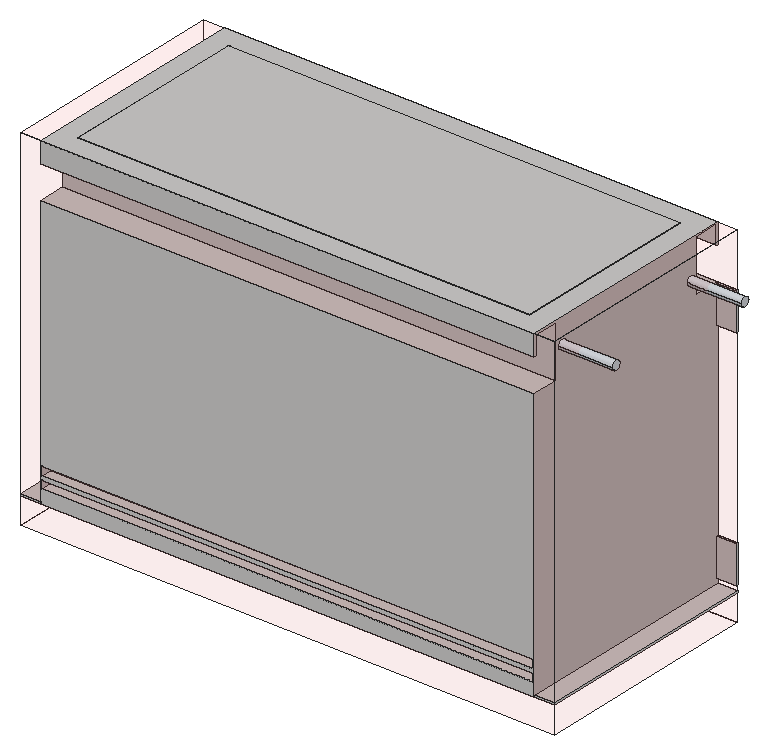
Revit family "Air-Curtain_Industrial_PoweredAire_Steam", category Mechanical Equipment, host Face, Revit 2016
Family settings
  Host = Face
  Part Type = Normal
  Round Connector Dimension = Use Diameter
  OmniClass Number = 23.75.35.17.21
  OmniClass Title = Air Curtains
  Cut with Voids When Loaded = No
  Shared = No
  Room Calculation Point = No
Parameters
  upperrotation [instance] = if(Upper Pipe Connection Side A, 0.00°, 180.00°)  # 0.00°
  topbracket [instance] = and(Unit Height = 1' 4 3/4", Unit Depth = 1' 11 3/4")  # yes
  lowerrotation [instance] = if(Lower Pipe Connection Side A, 0.00°, 180.00°)  # 0.00°
  locateupperpipe [instance] = if(Upper Pipe Connection Side A, 0' 0", Nozzle Width)  # 0' - 0"
  locatelowerpipe [instance] = if(Lower Pipe Connection Side A, 0' 0", Nozzle Width)  # 0' - 0"
  Warranty Duration (Years) = 0
  Upper Pipe Connection Side A [instance] = yes
  Unit Width Notes = "Other Widths available."  # constant formula
  Unit Width = 3' - 3"
  Unit Weight = 0
  Unit Height = 1' - 4 3/4"
  Unit Depth = 1' - 11 3/4"
  URL = "http://www.poweredaire.com/"
  Test Data = ""
  Standards Conformance = "as Specified"
  Specification = "http://www.arcat.com/sdspecs/htm04/23_34_33pai.htm"
  SpecWizard = ""
  Sound Pressure = "as Specified"
  Sales Information = "http://www.poweredaire.com/contact_us"
  Revision = "R1_2016-08"
  Projection from Host [instance] = 0' - 2"
  Product Properties = ""
  Product Data = "http://www.arcat.com/arcatcos/cos47/arc47623.html"
  Power Rating = 0 W
  Piping_Water Flow [instance] = 0 GPM
  Piping_Operating Pressure [instance] = 0.00 psi
  Piping_Exit Temperature [instance] = 0 °F
  Piping_Entry Temperature [instance] = 0 °F
  Pipe OD [instance] = 5/8"
  Nozzle Width = if(1 = 1, Unit Width - 0' 3", 0' 0")  # 3' - 0"
  Mounting Width = if(1 = 1, Unit Width - 0' 1 1/2", 0' 0")  # 3' - 1 1/2"
  Mounting Height [instance] = 3' - 6"
  Motor RPM = 0
  Motor HP = 0
  Motor Count = 0
  Model = "As Specified"
  Max Height = 0' - 0"
  Manufacturer Website = "http://www.poweredaire.com/"
  Manufacturer Phone - Toll Free = "888-321-2473"
  Manufacturer Phone = "724-588-3305"
  Manufacturer Fax = "724-588-3371"
  Manufacturer Address = "109 Mortensen Rd.  Greenville, PA 16125"
  Manufacturer = "Powered Aire, Inc"
  Maintenance Schedule (Months) = 0
  Lower Pipe Connection Side A [instance] = yes
  Keynote = "23 34 33"
  Installation-Fabrication = ""
  Installation Phase = ""
  Include Clearance [instance] = yes
  Heating Element Load = 0 W
  HVAC_Temperature Rise = 0 °F
  HVAC_Outlet Volume = 0 CFM
  HVAC_Outlet Velocity Uniformity = 0
  HVAC_Outlet Velocity = 0 FPM
  HVAC_BTU Input = 0.0 Btu/h
  Green Building-LEED = "http://www.arcat.com/green/clients/leed_data_47623.html"
  Front Grating Material [instance] = Metal - Steel - PoweredAire - Stainless 304 Perforated
  Frame Finish [instance] = Metal - Steel - PoweredAire - Stainless 304
  Expected Lifespan (Years) = 0
  Electrical_Wattage [instance] = Power Rating + Heating Element Load  # 0 W
  Electrical_Voltage [instance] = 0 V
  Electrical_Phase [instance] = 1
  Electrical_Frequency [instance] = 0 Hz
  Electrical_Amperage [instance] = 0 A
  Drawn By = "Sumex Design, Inc. / Robert S. Weygant, CSI, CDT, SCIP"
  Description = "Powered Aire Air Curtain as Specified"
  Default Elevation = 0' - 0"  # constant formula
  Copyright = "©Arcat Inc."
  Construction Details = "http://www.arcat.com/details/powair/prod3336.html"
  Clearance_Top [instance] = 0' - 0"
  Clearance_Side B [instance] = 0' - 0"
  Clearance_Side A [instance] = 0' - 0"
  Clearance_Intake [instance] = 0' - 0"
  Clearance_Bottom [instance] = 0' - 0"
  Clearance Material [instance] = ARCAT Clearance
  Building Codes = ""
  Available Options [instance] = "as Specified"
  Assembly Code = "D3090400"
Reference planes (in)
  plane 1 "Center (Elevation)": y = 0.13818
  plane 2: z = 0
  plane 3 "Center (Left/Right)": x = 0
  plane 4: y = 8.51318
  plane 5: y = -8.23682
  plane 6: x = -19.5
  plane 7: x = 19.5
  plane 8: z = 25.75
  plane 9 "FF": y = -41.86182
  plane 10: z = 2
  plane 11: x = 18
  plane 12: x = -18
  plane 13: y = 8.51318
  plane 14: y = -8.23682
  plane 15: x = -19.5
  plane 16: x = 19.5
  plane 17: z = 25.75
  plane 18: x = 17.9375
  plane 19: x = -17.9375
  plane 20: x = 18
  plane 21: x = 18
  plane 22: y = 6.01318
  plane 23: y = -5.73682
Forms (in)
  Extrusion 1, solid, material "Metal - Steel - PoweredAire - Stainless 304" <- "Frame Finish"
    sketch origin (0, 0, 0) x (0, 1, 0) y (0, 0, 1)
      loop
        line (-8.23682, 2) -> (8.51318, 2) -> (8.51318, 21.8125) -> (6.51318, 21.8125) -> (6.51318, 25.625) -> (8.38818, 25.625) -> (8.38818, 24.25) -> (8.51318, 24.25) -> (8.51318, 25.75) -> (-8.23682, 25.75) -> (-8.23682, 24.25) -> (-8.11182, 24.25) -> (-8.11182, 25.625) -> (-6.23682, 25.625) -> (-6.23682, 21.8125) -> (-8.23682, 21.8125) -> (-8.23682, 2)
    from -18 to 18
  Extrusion 2, solid, material "ARCAT Clearance" <- "Clearance Material", visible <- "Include Clearance"
    sketch origin (0, 0, 0) x (0, 1, 0) y (0, 0, 1)
      loop
        line (-8.23682, 25.75) -> (-8.23682, 0) -> (8.51318, 0) -> (8.51318, 25.75) -> (-8.23682, 25.75)
    from -19.5 to 19.5
  Extrusion 3, solid, material "Metal - Steel - PoweredAire - Stainless 304" <- "Frame Finish"
    sketch origin (-15.17702, -180, 2) x (-1, 0, 0) y (0, -1, 0)
      loop
        line (-33.17702, -188.51318) -> (-33.17702, -171.76318) -> (-34.67702, -171.76318) -> (-34.67702, -188.51318) -> (-33.17702, -188.51318)
      loop
        line (2.82298, -188.51318) -> (4.32298, -188.51318) -> (4.32298, -171.76318) -> (2.82298, -171.76318) -> (2.82298, -188.51318)
    from 0 to 0.125
  Extrusion 4, solid, material "Metal - Steel - PoweredAire - Stainless 304" <- "Frame Finish", visible <- "topbracket"
    sketch origin (-11.83813, 8.51318, 48) x (-1, 0, 0) y (0, 0, 1)
      loop
        line (-29.83813, -45.5) -> (-29.83813, -42.75) -> (-31.33813, -42.75) -> (-31.33813, -45.5) -> (-29.83813, -45.5)
      loop
        line (-29.83813, -28.9375) -> (-29.83813, -26.1875) -> (-31.33813, -26.1875) -> (-31.33813, -28.9375) -> (-29.83813, -28.9375)
      loop
        line (6.16187, -45.5) -> (7.66187, -45.5) -> (7.66187, -42.75) -> (6.16187, -42.75) -> (6.16187, -45.5)
      loop
        line (6.16187, -28.9375) -> (7.66187, -28.9375) -> (7.66187, -26.1875) -> (6.16187, -26.1875) -> (6.16187, -28.9375)
    from 0 to -0.125
  Extrusion 5, void
    sketch origin (0, 0, 0) x (0, 1, 0) y (0, 0, 1)
      loop
        line (-8.23682, 3) -> (-7.23682, 3) -> (-7.23682, 4.5) -> (-8.23682, 4.5) -> (-8.23682, 3.82425) -> (-7.38364, 3.82425) -> (-7.38364, 3.57425) -> (-8.23682, 3.57425) -> (-8.23682, 3)
    from -17.9375 to 17.9375
  Extrusion 6, solid, material "Metal - Steel - PoweredAire - Stainless 304 Perforated" <- "Front Grating Material"
    sketch origin (0, -8.23682, 25.75) x (0, 1, 0) y (-1, 0, 0)
      loop
        line (15.25, 16.5) -> (1.5, 16.5) -> (1.5, -16.5) -> (15.25, -16.5) -> (15.25, 16.5)
    from 0 to 0.03125
  Sweep 7, solid
    path origin (18, 6.01318, 0) x (1, 0, 0) y (0, 1, 0)
      loop
        line (0, 0) -> (4, 0)
    profile origin (20, 6.01318, 0) x (0, 1, 0) y (0, 0, 1)
      loop
        circle (0, 23) r 0.3125
  Sweep 8, solid
    path origin (18, -5.73682, 0) x (1, 0, 0) y (0, 1, 0)
      loop
        line (0, 0) -> (4, 0)
    profile origin (20, -5.73682, 0) x (0, 1, 0) y (0, 0, 1)
      loop
        circle (0, 24) r 0.3125
Cuts and joins
  Extrusion 5 cuts Extrusion 1
Lines and regions (in)
  reference lines
    curve 1: line (18, 6.01318, 0) -> (22.75, 6.01318, 0)
    curve 2: line (18, -5.73682, 0) -> (23.75, -5.73682, 0)
Dimensions and locks (in)
  equal spacing: plane 4, plane 1 "Center (Elevation)", plane 5
  "Unit Height": plane 4 to plane 5
  equal spacing: plane 6, plane 3 "Center (Left/Right)", plane 7
  "Unit Width": plane 6 to plane 7
  "Mounting Height": plane 1 "Center (Elevation)" to plane 9 "FF"
  "Projection from Host": plane 10 to level
  "Unit Depth": plane 8 to plane 10
  locked: plane 6 to plane 12 at 1.5
  locked: plane 11 to plane 7 at 1.5
  "Clearance_Side A": plane 7 to plane 16
  "Clearance_Side B": plane 15 to plane 6
  "Clearance_Top": plane 13 to plane 4
  "Clearance_Bottom": plane 5 to plane 14
  "Clearance_Intake": plane 17 to plane 8
  plane 5 to Extrusion 1 sketch curve to Extrusion 1 sketch curve = 0' - 0 1/8" locked, 0' - 1 7/8" locked
  Extrusion 1 sketch curve to Extrusion 1 sketch curve to plane 4 = 0' - 1 7/8" locked, 0' - 0 1/8" locked
  Extrusion 4 sketch curve to Extrusion 4 sketch curve to Extrusion 4 sketch curve to Extrusion 4 sketch curve to plane 10 = 0' - 2 3/4" locked, 1' - 1 13/16" locked, 0' - 2 3/4" locked, 0' - 0 1/2" locked
  Extrusion 4 sketch curve to Extrusion 4 sketch curve to Extrusion 4 sketch curve to Extrusion 4 sketch curve = 0' - 2 3/4" locked, 1' - 1 13/16" locked, 0' - 2 3/4" locked
  locked: Extrusion 4 sketch curve to plane 10 at 0.5
  plane 8 to Extrusion 1 sketch curve to Extrusion 1 sketch curve = 0' - 0 1/8" locked, 0' - 1 3/8" locked  (x2)
  locked: Extrusion 1 sketch curve to plane 10 at 19.8125  (x2)
  Extrusion 5 sketch curve to Extrusion 5 sketch curve to Extrusion 5 sketch curve to Extrusion 5 sketch curve to plane 10 = 0' - 0.67575" locked, 0' - 0 1/4" locked, 0' - 0.57425" locked, 0' - 1" locked
  plane 5 to Extrusion 5 sketch curve to Extrusion 5 sketch curve = 0' - 0.85319" locked, 0' - 0.14681" locked
  locked: plane 19 to plane 12 at 0.0625
  locked: plane 11 to plane 18 at 0.0625
  locked: plane 4 to Extrusion 6 sketch curve at 1.5
  locked: Extrusion 6 sketch curve to plane 5 at 1.5
  locked: Extrusion 6 sketch curve to plane 11 at 1.5
  locked: plane 12 to Extrusion 6 sketch curve at 1.5
  "locateupperpipe": plane 20 to plane 11
  "locatelowerpipe": plane 21 to plane 11
  locked: plane 4 to plane 22 at 2.5
  locked: plane 23 to plane 5 at 2.5
  locked: curve 1 to Sweep 7 sketch curve at 4
  locked: curve 1 to Sweep 7 sketch curve
  locked: Sweep 7 sketch curve to plane 10 at 21
  locked: curve 2 to Sweep 8 sketch curve at 4
  locked: curve 2 to Sweep 8 sketch curve
  locked: Sweep 8 sketch curve to plane 10 at 22
  "upperrotation": angle plane 22 to curve 1
  "lowerrotation": angle plane 23 to curve 2
  aligned and locked: plane 2 to host face
  aligned and locked: level to host face
  aligned and locked: Extrusion 2 sketch curve to plane 17
  aligned and locked: plane 14 to Extrusion 2 sketch curve
  aligned and locked: level to Extrusion 2 sketch curve
  aligned and locked: Extrusion 2 sketch curve to plane 13
  aligned and locked: plane 16 to Extrusion 2
  aligned and locked: Extrusion 2 to plane 15
  aligned and locked: plane 11 to Extrusion 1
  aligned and locked: Extrusion 1 to plane 12
  aligned and locked: plane 21 to curve 2
  aligned and locked: plane 23 to curve 2
  aligned and locked: plane 22 to curve 1
  aligned and locked: plane 20 to curve 1
Automatic sketch dimensions
  host sketch curve to host sketch curve = 8' - 0"  (x2)
  Extrusion 1 sketch curve to plane 5 = 0' - 0"  (x2)
  Extrusion 1 sketch curve to plane 4 = 0' - 0"  (x2)
  Extrusion 1 sketch curve to plane 10 = 0' - 0"
  Extrusion 1 sketch curve to plane 8 = 0' - 0"
  plane 4 to Extrusion 3 sketch curve = 0' - 0"
  Extrusion 3 sketch curve to plane 7 = 0' - 0"
  plane 5 to Extrusion 3 sketch curve = 0' - 0"
  Extrusion 3 sketch curve to plane 11 = 0' - 0"
  Extrusion 3 sketch curve to plane 4 = 0' - 0"
  Extrusion 3 sketch curve to plane 12 = 0' - 0"
  Extrusion 3 sketch curve to plane 6 = 0' - 0"
  Extrusion 3 sketch curve to plane 5 = 0' - 0"
  Extrusion 4 sketch curve to plane 7 = 0' - 0"  (x2)
  Extrusion 4 sketch curve to plane 11 = 0' - 0"  (x2)
  Extrusion 4 sketch curve to plane 12 = 0' - 0"  (x2)
  Extrusion 4 sketch curve to plane 6 = 0' - 0"  (x2)
  Extrusion 5 sketch curve to plane 5 = 0' - 0"  (x2)
  Sweep 7 sketch curve to profile plane = 0' - 0"
  Sweep 8 sketch curve to profile plane = 0' - 0"
  radius of Sweep 7 sketch curve = 0' - 0 5/16"
  radius of Sweep 8 sketch curve = 0' - 0 5/16"
Connectors (in)
  piping at (22, 6.01318, 23), diameter 0.625, driven by "Pipe OD", driven by "Piping_Water Flow"
    settings: on Sweep 7, index 1, connector inside diameter 24", connector length 0' - 0", flow factor 0, pipe flow 0 GPM, pressure drop 0.00 psi, fitting loss kfactor 0, connector angle 0.00°, fixture units 0, engagement length 0' - 0", angle of deflection 0.00°, flow configuration 0, flow direction 0, fitting loss method 0, system type 29, joint type 0, gender type 0, connector reference index -1, connector utility 0, adjustable connector no, is connector primary yes, connector description "Define Supply or Return and Location"
  piping at (22, -5.73682, 24), diameter 0.625, driven by "Pipe OD", driven by "Piping_Water Flow"
    settings: on Sweep 8, index 2, connector inside diameter 24", connector length 0' - 0", flow factor 0, pipe flow 0 GPM, pressure drop 0.00 psi, fitting loss kfactor 0, connector angle 0.00°, fixture units 0, engagement length 0' - 0", angle of deflection 0.00°, flow configuration 0, flow direction 0, fitting loss method 0, system type 29, joint type 0, gender type 0, connector reference index -1, connector utility 0, adjustable connector no, is connector primary no, connector description "Define Supply or Return and Location"
  electrical at (-18, 0.13818, 21.39062), driven by "Electrical_Voltage", driven by "Electrical_Phase"
    settings: on cut or joined group of Extrusion 1, Extrusion 5, index 3, voltage 0 V, apparent load 0 VA, apparent load phase1 0 VA, apparent load phase2 0 VA, apparent load phase3 0 VA, power factor 1, load classification "Motor", number of poles 1, system type 31, power factor state 1, is connector primary yes, connector utility no, sub classification motor no, connector description ""
